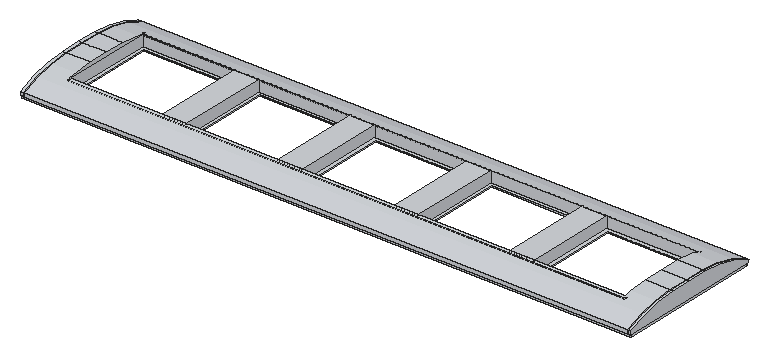
Revit family "Gira_0215776", category Electrical Fixtures, host Face, Revit 2017
Family settings
  Host = Face
  Maintain Annotation Orientation = No
  Round Connector Dimension = Use Diameter
  Part Type = Normal
  Cut with Voids When Loaded = No
  Shared = No
  Room Calculation Point = No
Parameters (values of type "Abdeckrahmen 5f Zwischenr. F Alu Gira Event Klar Sand")
  Werkstoffgüte = "Thermoplast"
  Werkstoff = "Kunststoff"
  URL = "http://katalog.gira.de/de_DE/datenblatt.html?artikelnr=0215776"
  Transparent = "No"
  Textfeld/Beschriftungsfläche = "No"
  Schutzart (IP) = "IP20"
  Region = "DE"
  Oberfläche = "sonstige"
  Name = "Abdeckrahmen 5f Zwischenr. F Alu Gira Event Klar Sand"
  Montagerichtung = "horizontal und vertikal"
  Mit Montagerahmen = "No"
  Mit Klappdeckel = "No"
  Manufacturer URL = "https://www.gira.de/"
  Keynote = "Event_Rahmen_5fach"
  HeinzeBIM = "https://bimportal.heinze.de/bim/abdeckrahmen-5f-zwischenr-f-alu-gira-event-klar-sand/5180cb6e74d4084bd5d88925c6a8416e162df447"
  Halogenfrei = "Yes"
  HAN = "0215776"
  Geeignet für Unterputz-Installation = "Yes"
  Geeignet für Unterflurkanaldose = "No"
  Geeignet für Geräteeinbaukanal = "No"
  Geeignet für Einbauinstallation = "No"
  GTIN = "4010337069638"
  Farbe = "sonstige"
  Default Elevation = 1219.2 mm
  Data sheet (1) = "https://katalog.gira.de/de_DE/download.html?artikelnr=0215776"
  Category = "Abdeckrahmen"
  Befestigungsart = "Klemmbefestigung"
  Available = "Yes"
  Ausführung der Oberfläche = "glänzend"
  Anzahl der Einheiten vertikal = "5 "
  Anzahl der Einheiten horizontal = "5 "
  Anzahl der Einheiten = "5 "
Reference planes
  plane 1 "Center (Front/Back)": y = 0
  plane 2: z = 0
  plane 3 "Center (Left/Right)": x = 0
Forms (mm)
  Extrusion 1, solid, detail levels fine
    sketch origin (0, 0, 0.05) x (0, 1, 0) y (0, 0, 1)
      loop
        arc (12.445, 9.683) -> (6.223, 9.833) -> (0, 9.85) r 291.636
        arc (0, 9.85) -> (-6.223, 9.833) -> (-12.445, 9.683) r 291.636
        arc (-12.445, 9.683) -> (-29.14, 7.482) -> (-45, 1.823) r 79.728
        line (-45, 1.823) -> (-45, -0.05) -> (-42.086, -0.05)
        arc (-42.086, -0.05) -> (-21.385, 5.559) -> (0, 7.206) r 114.424
        arc (0, 7.206) -> (21.385, 5.559) -> (42.086, -0.05) r 114.424
        line (42.086, -0.05) -> (45, -0.05) -> (45, 1.823)
        arc (45, 1.823) -> (29.14, 7.482) -> (12.445, 9.683) r 79.728
    from -185.578 to 185.593
  Extrusion 2, void, detail levels fine
    sketch origin (0, 0, 0) x (1, 0, 0) y (0, 1, 0)
      loop
        line (170.607, 28) -> (-170.593, 28) -> (-170.593, -28) -> (170.607, -28) -> (170.607, 28)
    from 0.724 to 11
  Extrusion 3, solid, detail levels coarse
    sketch origin (0, 0, 0) x (1, 0, 0) y (0, 1, 0)
      loop
        line (-187.578, 45) -> (-187.578, -45) -> (187.593, -45) -> (187.593, 45) -> (-187.578, 45)
    from -1.5 to 9.9
  Extrusion 4, solid, detail levels medium
    sketch origin (0, 0, 0.05) x (0, 1, 0) y (0, 0, 1)
      loop
        arc (12.445, 9.683) -> (6.223, 9.833) -> (0, 9.85) r 291.636
        arc (0, 9.85) -> (-6.223, 9.833) -> (-12.445, 9.683) r 291.636
        arc (-12.445, 9.683) -> (-29.14, 7.482) -> (-45, 1.823) r 79.728
        line (-45, 1.823) -> (-45, -0.05) -> (45, -0.05) -> (45, 1.823)
        arc (45, 1.823) -> (29.14, 7.482) -> (12.445, 9.683) r 79.728
    from -187.578 to 187.593
  Extrusion 5, solid, detail levels fine
    sketch origin (-142.578, 0, -1.5) x (0, 1, 0) y (0, 0, -1)
      loop
        line (45, -3.373) -> (45, -1.5) -> (-45, -1.5) -> (-45, -3.373)
        arc (-45, -3.373) -> (-29.14, -9.032) -> (-12.445, -11.233) r 79.728
        arc (-12.445, -11.233) -> (-6.223, -11.383) -> (0, -11.4) r 291.636
        arc (0, -11.4) -> (6.223, -11.383) -> (12.445, -11.233) r 291.636
        arc (12.445, -11.233) -> (29.14, -9.032) -> (45, -3.373) r 79.728
    from 43 to 45
  Extrusion 6, solid, detail levels fine
    sketch origin (0, 0, 0) x (1, 0, 0) y (0, 1, 0)
      loop
        line (-168.493, 25.7) -> (-168.493, -25.7) -> (-116.693, -25.7) -> (-116.693, 25.7) -> (-168.493, 25.7)
      loop
        line (-45.398, -25.7) -> (-45.398, 25.7) -> (-97.198, 25.7) -> (-97.198, -25.7) -> (-45.398, -25.7)
      loop
        line (-171.487, 28.49) -> (-171.487, -28.495)
        spline (-171.487, -28.495) -> (-171.479, -28.625) -> (-171.453, -28.754) -> (-171.411, -28.878) -> (-171.353, -28.995) -> (-171.281, -29.104) -> (-171.194, -29.202) -> (-171.096, -29.288) -> (-170.987, -29.361) -> (-170.87, -29.419) -> (-170.746, -29.461) -> (-170.618, -29.486) -> (-170.487, -29.495)
        line (-170.487, -29.495) -> (170.502, -29.495)
        spline (170.502, -29.495) -> (170.633, -29.486) -> (170.761, -29.461) -> (170.885, -29.419) -> (171.002, -29.361) -> (171.111, -29.288) -> (171.209, -29.202) -> (171.296, -29.104) -> (171.368, -28.995) -> (171.426, -28.878) -> (171.468, -28.754) -> (171.494, -28.625) -> (171.502, -28.495)
        line (171.502, -28.495) -> (171.502, 28.49)
        spline (171.502, 28.49) -> (171.494, 28.62) -> (171.468, 28.748) -> (171.426, 28.872) -> (171.368, 28.99) -> (171.296, 29.098) -> (171.209, 29.197) -> (171.111, 29.283) -> (171.002, 29.356) -> (170.885, 29.413) -> (170.761, 29.456) -> (170.633, 29.481) -> (170.502, 29.49)
        line (170.502, 29.49) -> (-170.487, 29.49)
        spline (-170.487, 29.49) -> (-170.618, 29.481) -> (-170.746, 29.456) -> (-170.87, 29.413) -> (-170.987, 29.356) -> (-171.096, 29.283) -> (-171.194, 29.197) -> (-171.281, 29.098) -> (-171.353, 28.99) -> (-171.411, 28.872) -> (-171.453, 28.748) -> (-171.479, 28.62) -> (-171.487, 28.49)
      loop
        line (25.902, -25.7) -> (25.902, 25.7) -> (-25.898, 25.7) -> (-25.898, -25.7) -> (25.902, -25.7)
      loop
        line (97.207, -25.7) -> (97.207, 25.7) -> (45.407, 25.7) -> (45.407, -25.7) -> (97.207, -25.7)
      loop
        line (168.507, -25.7) -> (168.507, 25.7) -> (116.707, 25.7) -> (116.707, -25.7) -> (168.507, -25.7)
    from 0.1 to 7.3
  Extrusion 7, solid
    sketch origin (0, 0, 0) x (1, 0, 0) y (0, 1, 0)
      loop
        arc (-187.293, -44.218) -> (-187.146, -44.572) -> (-186.793, -44.718) r 0.5
        line (-186.793, -44.718) -> (186.807, -44.718)
        arc (186.807, -44.718) -> (187.161, -44.572) -> (187.307, -44.218) r 0.5
        line (187.307, -44.218) -> (187.307, 44.182)
        arc (187.307, 44.182) -> (187.161, 44.535) -> (186.807, 44.682) r 0.5
        line (186.807, 44.682) -> (-186.793, 44.682)
        arc (-186.793, 44.682) -> (-187.146, 44.535) -> (-187.293, 44.182) r 0.5
        line (-187.293, 44.182) -> (-187.293, -44.218)
      loop
        line (-185.593, 42.982) -> (-185.593, -43.018) -> (185.607, -43.018) -> (185.607, 42.982) -> (-185.593, 42.982)
    from -1.5 to 0.5
  Extrusion 8, solid, detail levels fine
    sketch origin (142.593, 0, -1.5) x (0, 1, 0) y (0, 0, 1)
      loop
        arc (45, 3.373) -> (29.14, 9.032) -> (12.445, 11.233) r 79.728
        arc (12.445, 11.233) -> (6.223, 11.383) -> (0, 11.4) r 291.636
        arc (0, 11.4) -> (-6.223, 11.383) -> (-12.445, 11.233) r 291.636
        arc (-12.445, 11.233) -> (-29.14, 9.032) -> (-45, 3.373) r 79.728
        line (-45, 3.373) -> (-45, 1.5) -> (45, 1.5) -> (45, 3.373)
    from 43 to 45
  Extrusion 9, solid, detail levels medium
    sketch origin (0, 0, 0) x (1, 0, 0) y (0, 1, 0)
      loop
        line (-187.293, -44.718) -> (187.307, -44.718) -> (187.307, 44.682) -> (-187.293, 44.682) -> (-187.293, -44.718)
    from -1.5 to 0.5
  Extrusion 10, solid, detail levels fine
    sketch origin (-105.5, 0, 0) x (1, 0, 0) y (0, 1, 0)
      loop
        line (-8.943, 28.063) -> (-8.943, -27.937) -> (6.057, -27.937) -> (6.057, 28.063) -> (-8.943, 28.063)
    from 0.724 to 7.566
  Extrusion 11, solid, detail levels fine
    sketch origin (-37.085, 0, 0) x (-1, 0, 0) y (0, -1, 0)
      loop
        line (-8.943, -28.063) -> (6.057, -28.063) -> (6.057, 27.937) -> (-8.943, 27.937) -> (-8.943, -28.063)
    from 0.724 to 7.566
  Extrusion 12, solid, detail levels fine
    sketch origin (105.5, 0, 0) x (-1, 0, 0) y (0, -1, 0)
      loop
        line (-8.943, -28.063) -> (6.057, -28.063) -> (6.057, 27.937) -> (-8.943, 27.937) -> (-8.943, -28.063)
    from 0.724 to 7.566
  Extrusion 13, solid, detail levels fine
    sketch origin (37.085, 0, 0) x (1, 0, 0) y (0, 1, 0)
      loop
        line (-8.943, 28.063) -> (-8.943, -27.937) -> (6.057, -27.937) -> (6.057, 28.063) -> (-8.943, 28.063)
    from 0.724 to 7.566
Cuts and joins
  Extrusion 2 cuts Extrusion 1
  Extrusion 2 cuts Extrusion 6
Dimensions and locks
  aligned and locked: plane 2 to host face
  aligned and locked: level to host face
